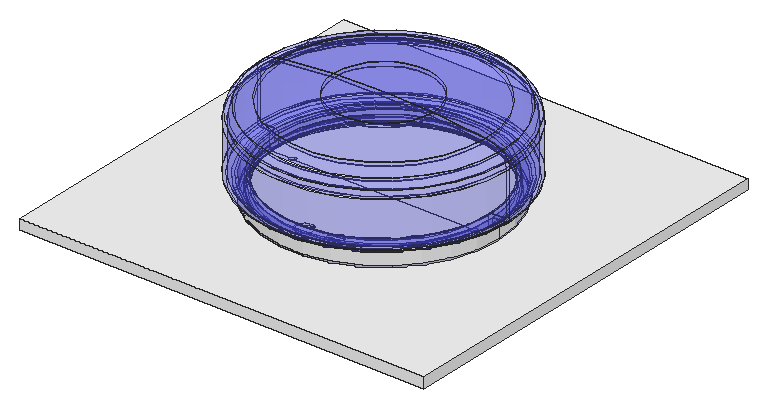
Revit family "BE_50030P_de_DE", category Leuchten, Revit 2020
Family settings
  Basisbauteil = Fläche
  Bemaßung runder Anschluss = Durchmesser verwenden
  Teiletyp = Normal
  Beim Laden mit Abzugskörper schneiden = Ja
  Lichtquelle = Ja
  Gemeinsam genutzt = Nein
  Raumberechnungspunkt = Ja
Parameters (values of type "BEGA_50030P_K3")
  built-in parameter 1150104 = 11.752 (stored number, unit not read)
  Wattage = 11.9 W
  Default Elevation = 0 mm
  built-in parameter 1150113 = 1 (stored number, unit not read)
  built-in parameter 1114218 = 1 (stored number, unit not read)
  Umgebungstemperatur = "25 °C"
  URL = "https://www.bega.com/de/produkt/50030P"
  Typenkommentare = "© 2022 BEGA. Wir behalten uns das Recht vor, technische Änderungen ohne vorherige Ankündigung vorzunehmen."  # constant formula
  built-in parameter 1150134 = (empty or 0)
  built-in parameter 1150109 = 1 (stored number, unit not read)
  Strom = ""
  built-in parameter 1150110 = 1 (stored number, unit not read)
  Spannung = 239.996 V
  Sonderanfertigung = no
  Seriennummer [instance] = "Hier können Sie die eindeutige Seriennummer für das Facility Management eintragen."
  Schutzklasse = "I"
  Schutzart = "IP 20"
  Scheinlast = 0 VA
  Produktdatenblatt = "http://www.bega.de/download/Xrfa/db/50030P.db.de.pdf"
  Oberflächentemperatur = ""
  Neigungswinkel = 0.00°
  Model = "50030PK2"
  Material_17 = BEGA_Reflektor
  Material_15 = BEGA_Leuchtmedium_matt
  Material_14 = BEGA_Kunststoff_opal
  Material_11 = BEGA_Glas_opal
  Material_09 = BEGA_Glas_klar
  Material_06 = BEGA_Oberfläche_Edelstahl_gebürstet
  Material_03 = BEGA_Oberfläche_Weiss_matt
  Material_02 = BEGA_Oberfläche_Silber_matt
  Material_01 [instance] = BEGA_Oberfläche_Grafit_matt
  M_W = no
  M_G = no
  M_A = no
  Logo = 0
  built-in parameter 1114217 = 1 (stored number, unit not read)
  built-in parameter 1150139 = (empty or 0)
  built-in parameter 1150105 = 354.8 (stored number, unit not read)
  built-in parameter 1150114 = 1 (stored number, unit not read)
  Lumens = 1505.35 lm
  built-in parameter 1150115 = 1 (stored number, unit not read)
  Leuchtenlichtstrom = "1230 lm"
  Leuchtenanzahl = ""
  Lebensdauerkriterien = "L70B50 @ 25 °C = 161000 h"
  Lastklassifizierung = Beleuchtung
  built-in parameter 1150112 = 1 (stored number, unit not read)
  Lampenlichtstrom = "1505 lm"
  Lamp = "LED 11.9 W"
  LED_Modulbezeichnung = "LED-0509/927"
  Hersteller = "BEGA"  # constant formula
  Halbstreuwinkel = ""
  Gewicht = "1.0 kg"
  Gebrauchslageneinschränkung [instance] = ""
  Frequenz = "50-60 Hz"
  Farbwiedergabeindex = "CRI > 90"
  Farbtemperaturverschiebung bei Dämpfen der Lampe = <Keine Auswahl>
  Farbtemperatur = "2700 K"
  Color Filter = 16777215
  built-in parameter 1150133 = 10 (stored number, unit not read)
  Energieeffizienzklasse = "LED A++ - A"
  built-in parameter 1150137 = (empty or 0)
  built-in parameter 1150132 = (empty or 0)
  ENEC = "ja"
  Dimmbar [instance] = ""
  Photometric Web File = "BE_50030PK2.IES"
  CE_Konformität = "ja"
  Bestellnummer = "50030PK2"
  Beschreibung_Sonderanfertigung = "Hier können Sie Informationen zur Sonderanfertigung eintragen."
  Beschreibung = "Decken- und Wandleuchte"
  built-in parameter 1150106 = 3.548 (stored number, unit not read)
  Befestigungsbohrung = "Ø 5,5 mm"
  Befestigungsabstand = "180 mm"
  Ballwurfsicher = ""
  BEGA_Intern_aus = yes
  BEGA_Intern_an = yes
  BEGA_Intern_Konstruktion = yes
  BEGA_Intern = yes
  BEGA_IES = yes
  BEGA_Dummy = no
  Anschlussleitung = ""
  Anschlussleistung [instance] = "15.8 W"
  Anschlusskasten = ""
  built-in parameter 1150107 = 2700 (stored number, unit not read)
  built-in parameter 1150102 = (empty or 0)
  built-in parameter 1150138 = (empty or 0)
  Aktualisierung = "2020-05-11T04:00:10"
  Abstand_zur_angestrahlten_Fläche [instance] = ""
  AC/DC = "AC"
Types (3, lengths in mm): name | built-in parameter 1150104 | built-in parameter 1150134 | Model | built-in parameter 1150105 | Lumens | Leuchtenlichtstrom | Lampenlichtstrom | LED_Modulbezeichnung | Farbtemperatur | Photometric Web File | Bestellnummer | built-in parameter 1150106 | built-in parameter 1150107
  BEGA_50030P_K3 | 11.827 (stored number, unit not read) | (empty or 0) | "50030PK3" | 357.14 (stored number, unit not read) | 1514.87 lm | "1411 lm" | "1725 lm" | "LED-0509/930" | "3000 K" | "BE_50030PK3.IES" | "50030PK3" | 3.5714 (stored number, unit not read) | 3000 (stored number, unit not read)
  BEGA_50030P_K4 | 12.263 (stored number, unit not read) | 12 | "50030PK4" | 125 (stored number, unit not read) | 1570.8 lm | "1468 lm" | "1795 lm" | "LED-0509/940" | "4000 K" | "BE_50030PK4.IES" | "50030PK4" | 1.25 (stored number, unit not read) | 4000 (stored number, unit not read)
  BEGA_50030P_K27 | 12.263 (stored number, unit not read) | 12 | "50030PK27" | 125 (stored number, unit not read) | 1570.8 lm | "1365 lm" | "1670 lm" | "LED-0509/927" | "2700 K" | "BE_50030PK27.IES" | "50030PK27" | 1.25 (stored number, unit not read) | 4000 (stored number, unit not read)
Reference planes
  plane 1 "Mitte (Vorne/Hinten)": y = 0
  plane 2: z = 0
  plane 3 "Mitte (Links/Rechts)": x = 0
  plane 4 "Links": x = -125
  plane 5 "Rechts": x = 125
  plane 6 "Unten": y = -125
  plane 7 "Oben": y = 125
  plane 8 "Vorne": z = 94.4
  plane 9 "Hinten": z = 0
Forms (mm)
  Extrusion 1, solid, material "BEGA_Platte_Weiss"
    sketch origin (0, -1119.2, 0) x (1, 0, 0) y (0, 1, 0)
      loop
        line (-200, 1319.2) -> (-200, 919.2) -> (200, 919.2) -> (200, 1319.2) -> (-200, 1319.2)
    from 0 to -10
  Extrusion 2, solid, material "BEGA_Dummy_matt", visible <- "BEGA_Dummy"
    sketch origin (77.149, -76.023, 0) x (1, 0, 0) y (0, 1, 0)
      loop
        circle (-77.149, 76.023) r 125
    from 0 to 94.4
Dimensions and locks
  plane 1 "Mitte (Vorne/Hinten)" to Extrusion 1 = 200 mm
  aligned and locked: plane 2 to Extrusion 1
  aligned and locked: level to Extrusion 1
Nested families
  nested 1: "BE_50030P" at (0, 0, 0) x (0, -1, 0) z (0, 0, 1), type "BE_50030P"
Connectors
  electrical at (0, 0, 0), driven by "Lastklassifizierung", driven by "Spannung", driven by "Scheinlast"
    settings: index 1, voltage 239.996 V, apparent load 0 VA, apparent load phase1 0 VA, apparent load phase2 0 VA, apparent load phase3 0 VA, power factor 1, load classification "Beleuchtung", number of poles 1, system type 31, power factor state 1, is connector primary yes, connector utility no, sub classification motor no, connector description ""
Definition of nested family "BE_50030P"
  Parameters (values of type "BE_50030P")
    Default Elevation = 1 mm
    URL = "http://www.bega.de/de/produkt"
    Type Comments = "© 2015 BEGA. Wir behalten uns das Recht vor, technische Änderungen ohne vorherige Ankündigung vorzunehmen. "  # constant formula
    Type Image = (empty or 0)
    Neigungswinkel_um_Z2 = 0.00°
    Neigungswinkel_um_Z1 = 0.00°
    Neigungswinkel_um_Y2 = 0.00°
    Neigungswinkel_um_Y1 = 0.00°
    Neigungswinkel_um_X2 = 0.00°
    Neigungswinkel_um_X1 = 0.00°
    Material_17 = none
    Material_15 = none
    Material_14 = none
    Material_11 = none
    Material_09 = none
    Material_06 = none
    Material_05 = none
    Material_03 = none
    Material_02 = none
    Material_01 = none
    M_W = yes
    M_G = yes
    M_A = yes
    Länge_Platte = 400 mm  # constant formula
    Höhe_Platte = -10 mm  # constant formula
    Manufacturer = "BEGA"  # constant formula
    Drehwinkel_um_Z2 = 0.00°
    Drehwinkel_um_Z1 = 0.00°
    Breite_Platte = 400 mm  # constant formula
  Reference planes
    plane 1 "Mitte (Oben/Unten)": y = 0
    plane 2: z = 0
    plane 3 "Mitte (Links/Rechts)": x = 0
    plane 4: y = 125
    plane 5: y = -125
    plane 6: z = 94.4
    plane 7: x = -125
    plane 8: x = 125
  Forms (mm)
    Extrusion 1, solid, detail levels medium
      sketch origin (0, 0, 0) x (1, 0, 0) y (0, 1, 0)
        loop
          line (-200, 200) -> (-200, -200) -> (200, -200) -> (200, 200) -> (-200, 200)
      from 0 to -10 <- "Höhe_Platte"
    Revolve 2, solid, material <- "Material_03", detail levels medium+fine
      sketch origin (0, 0, 0) x (0, 1, 0) y (0, 0, 1)
        loop
          line (117.5, 19.8) -> (117.5, 20.8) -> (115.331, 20.8)
          arc (115.331, 20.8) -> (114.063, 20.284) -> (113.524, 19.025) r 1.8
          line (113.524, 19.025) -> (113.276, 4.767)
          arc (113.276, 4.767) -> (112.825, 3.728) -> (111.776, 3.3) r 1.5
          line (111.776, 3.3) -> (0, 3.3) -> (0, 2.3) -> (111.776, 2.3)
          arc (111.776, 2.3) -> (113.525, 3.014) -> (114.275, 4.748) r 2.5
          line (114.275, 4.748) -> (114.524, 19.01)
          arc (114.524, 19.01) -> (114.764, 19.571) -> (115.329, 19.8) r 0.8
          line (115.329, 19.8) -> (117.5, 19.8)
        axis (0, 2.3) -> (0, 20.8)
      angle from 0 to 360
    Revolve 3, solid, material <- "Material_03", detail levels medium+fine
      sketch origin (0, 0, 0) x (0, 1, 0) y (0, 0, 1)
        loop
          arc (99.13, 1.943) -> (99.474, 2.206) -> (99.896, 2.3) r 1
          line (99.896, 2.3) -> (100.896, 3.3) -> (92.75, 3.3) -> (92.75, 0) -> (96.108, 0)
          arc (96.108, 0) -> (97.369, 0.281) -> (98.395, 1.067) r 3
          line (98.395, 1.067) -> (99.13, 1.943)
        axis (90, 3.3) -> (90, 0)
      angle from 0 to 360
    Revolve 4, solid, material <- "Material_03", detail levels medium+fine
      sketch origin (0, 0, 0) x (0, -1, 0) y (0, 0, 1)
        loop
          arc (99.13, 1.943) -> (99.474, 2.206) -> (99.896, 2.3) r 1
          line (99.896, 2.3) -> (100.896, 3.3) -> (92.75, 3.3) -> (92.75, 0) -> (96.108, 0)
          arc (96.108, 0) -> (97.369, 0.281) -> (98.395, 1.067) r 3
          line (98.395, 1.067) -> (99.13, 1.943)
        axis (90, 3.3) -> (90, 0)
      angle from 0 to 360
    Extrusion 5, void
      sketch origin (0, 0, 0) x (1, 0, 0) y (0, 1, 0)
        loop
          circle (80, 15) r 8.5
        loop
          circle (80, -15) r 8.5
        loop
          circle (0, 90) r 2.75
        loop
          circle (0, -90) r 2.75
      from 1.096 to 7.205
    Revolve 6, solid, material <- "Material_14", detail levels medium+fine
      sketch origin (0, 0, 0) x (0, 1, 0) y (0, 0, 1)
        loop
          line (107.5, 12.214) -> (107.5, 20.4) -> (122.157, 21.168)
          arc (122.157, 21.168) -> (124.176, 22.099) -> (125, 24.164) r 3
          line (125, 24.164) -> (125, 69.391)
          arc (125, 69.391) -> (124.681, 72.948) -> (123.735, 76.391) r 20
          arc (123.735, 76.391) -> (121.144, 80.63) -> (117.158, 83.582) r 13
          arc (117.158, 83.582) -> (109.272, 86.676) -> (101.03, 88.629) r 60
          arc (101.03, 88.629) -> (75.117, 91.988) -> (49.04, 93.648) r 400
          arc (49.04, 93.648) -> (24.523, 94.212) -> (0, 94.4) r 1600.011
          line (0, 94.4) -> (0, 90.6)
          arc (0, 90.6) -> (24.398, 90.414) -> (48.79, 89.854) r 1596.211
          arc (48.79, 89.854) -> (74.692, 88.212) -> (100.431, 84.877) r 396.2
          arc (100.431, 84.877) -> (108.139, 83.049) -> (115.512, 80.156) r 56.2
          arc (115.512, 80.156) -> (118.33, 78.076) -> (120.166, 75.094) r 9.2
          arc (120.166, 75.094) -> (120.94, 72.293) -> (121.2, 69.4) r 16.2
          line (121.2, 69.4) -> (121.2, 24.923) -> (106.543, 24.155)
          arc (106.543, 24.155) -> (104.524, 23.224) -> (103.7, 21.159) r 3
          line (103.7, 21.159) -> (103.7, 16.4) -> (103.7, 11.174)
          arc (103.7, 11.174) -> (104.099, 9.678) -> (105.19, 8.579) r 3.003
          line (105.19, 8.579) -> (106.963, 7.556)
          arc (106.963, 7.556) -> (108.068, 6.43) -> (108.449, 4.9) r 3.003
          line (108.449, 4.9) -> (112.25, 4.9) -> (112.25, 8.894) -> (107.997, 11.349)
          arc (107.997, 11.349) -> (107.633, 11.715) -> (107.5, 12.214) r 1.001
        axis (0, 94.4) -> (0, 4.9)
      angle from 0 to 360
  Cuts and joins
    Extrusion 5 cuts Revolve 2
    Extrusion 5 cuts Revolve 3
    Extrusion 5 cuts Revolve 4
    joined: Revolve 2, Revolve 3, Revolve 4
  Dimensions and locks
    equal spacing: Extrusion 1 sketch curve, plane 3 "Mitte (Links/Rechts)", Extrusion 1 sketch curve
    equal spacing: Extrusion 1 sketch curve, plane 1 "Mitte (Oben/Unten)", Extrusion 1 sketch curve
    "Länge_Platte": Extrusion 1 sketch curve to Extrusion 1 sketch curve
    "Breite_Platte": Extrusion 1 sketch curve to Extrusion 1 sketch curve
    aligned and locked: plane 2 to Extrusion 1
    aligned and locked: level to Extrusion 1
  Automatic sketch dimensions
    Revolve 2 sketch curve to Revolve 2 sketch curve = 0 mm  (x11)
    Revolve 2 sketch curve to plane 1 "Mitte (Oben/Unten)" = 0 mm  (x2)
    Revolve 2 sketch curve to Revolve 2 sketch curve = 1.5 mm
    Revolve 2 sketch curve to Revolve 2 sketch curve = 1 mm  (x3)
    Revolve 2 sketch curve to Revolve 2 sketch curve = 0.8 mm
    Revolve 2 sketch curve to Revolve 2 sketch curve = 0.004 mm
    Revolve 2 sketch curve to Revolve 2 sketch curve = 0.002 mm
    Revolve 2 sketch curve to Revolve 2 sketch curve = 2.169 mm
    level to Revolve 2 sketch curve = 2.3 mm
    Revolve 2 sketch curve to Revolve 2 sketch curve = 1.448 mm
    Revolve 2 sketch curve to Revolve 2 sketch curve = 0.02 mm
    Revolve 2 sketch curve to Revolve 2 sketch curve = 0.033 mm
    Revolve 2 sketch curve to Revolve 2 sketch curve = 14.252 mm
    Revolve 2 sketch curve to Revolve 2 sketch curve = 0.01 mm
    Revolve 2 sketch curve to Revolve 2 sketch curve = 0.015 mm
    Revolve 2 sketch curve to Revolve 2 sketch curve = 4 mm
    Revolve 3 sketch curve to level = 0 mm
    level to Revolve 3 sketch curve = 3.3 mm
    Revolve 3 sketch curve to Revolve 3 sketch curve = 3.351 mm
    Revolve 3 sketch curve to Revolve 3 sketch curve = 0.007 mm
    level to Revolve 3 sketch curve = 1.067 mm
    Revolve 3 sketch curve to Revolve 3 sketch curve = 2.287 mm
    level to Revolve 3 sketch curve = 2.3 mm
    Revolve 3 sketch curve to Revolve 3 sketch curve = 1.501 mm
    Revolve 3 sketch curve to Revolve 3 sketch curve = 0 mm  (x2)
    Revolve 3 sketch curve to Revolve 3 sketch curve = 1 mm  (x2)
    Revolve 3 sketch curve to Revolve 3 sketch curve = 2.75 mm
    level to Revolve 3 sketch curve = 1.943 mm
    Revolve 3 sketch curve to Revolve 3 sketch curve = 0.766 mm
    Revolve 3 sketch curve to level = 2.001 mm
    Revolve 3 sketch curve to Revolve 3 sketch curve = 2 mm
    Revolve 4 sketch curve to level = 0 mm
    Revolve 4 sketch curve to level = 3.3 mm
    Revolve 4 sketch curve to Revolve 4 sketch curve = 3.351 mm
    Revolve 4 sketch curve to Revolve 4 sketch curve = 0.007 mm
    Revolve 4 sketch curve to level = 1.067 mm
    Revolve 4 sketch curve to Revolve 4 sketch curve = 2.287 mm
    Revolve 4 sketch curve to level = 2.3 mm
    Revolve 4 sketch curve to Revolve 4 sketch curve = 1.501 mm
    Revolve 4 sketch curve to Revolve 4 sketch curve = 0 mm  (x2)
    Revolve 4 sketch curve to Revolve 4 sketch curve = 1 mm  (x2)
    Revolve 4 sketch curve to Revolve 4 sketch curve = 2.75 mm
    Revolve 4 sketch curve to level = 1.943 mm
    Revolve 4 sketch curve to Revolve 4 sketch curve = 0.766 mm
    level to Revolve 4 sketch curve = 2.001 mm
    Revolve 4 sketch curve to Revolve 4 sketch curve = 2 mm
    Revolve 6 sketch curve to Revolve 6 sketch curve = 1.49 mm
    Revolve 6 sketch curve to Revolve 6 sketch curve = 0.257 mm
    Revolve 6 sketch curve to Revolve 6 sketch curve = 1.513 mm
    level to Revolve 6 sketch curve = 7.556 mm
    Revolve 6 sketch curve to Revolve 6 sketch curve = 1.773 mm
    Revolve 6 sketch curve to Revolve 6 sketch curve = 3.8 mm  (x2)
    Revolve 6 sketch curve to Revolve 6 sketch curve = 0.497 mm
    Revolve 6 sketch curve to Revolve 6 sketch curve = 3.002 mm
    Revolve 6 sketch curve to Revolve 6 sketch curve = 0.504 mm
    Revolve 6 sketch curve to Revolve 6 sketch curve = 3.801 mm
    Revolve 6 sketch curve to Revolve 6 sketch curve = 2.592 mm
    Revolve 6 sketch curve to Revolve 6 sketch curve = 1.024 mm
    Revolve 6 sketch curve to Revolve 6 sketch curve = 3.994 mm
    Revolve 6 sketch curve to Revolve 6 sketch curve = 2.594 mm
    Revolve 6 sketch curve to Revolve 6 sketch curve = 0.176 mm
    Revolve 6 sketch curve to Revolve 6 sketch curve = 0.865 mm
    Revolve 6 sketch curve to Revolve 6 sketch curve = 4.186 mm
    Revolve 6 sketch curve to Revolve 6 sketch curve = 0 mm  (x24)
    Revolve 6 sketch curve to Revolve 6 sketch curve = 4.759 mm
    level to Revolve 6 sketch curve = 40.4 mm
    Revolve 2 sketch curve to plane 1 "Mitte (Oben/Unten)" = 111.776 mm
    Revolve 2 sketch curve to Revolve 2 sketch curve = 0.249 mm
    Revolve 3 sketch curve to plane 1 "Mitte (Oben/Unten)" = 92.75 mm
    Revolve 4 sketch curve to plane 1 "Mitte (Oben/Unten)" = 92.75 mm
    Extrusion 5 sketch curve to plane 3 "Mitte (Links/Rechts)" = 0 mm  (x2)
    plane 1 "Mitte (Oben/Unten)" to Extrusion 5 sketch curve = 15 mm
    Extrusion 5 sketch curve to plane 1 "Mitte (Oben/Unten)" = 15 mm
    Extrusion 5 sketch curve to Extrusion 5 sketch curve = 0 mm
    Revolve 6 sketch curve to Revolve 6 sketch curve = 0.157 mm  (x2)
    Revolve 6 sketch curve to Revolve 6 sketch curve = 16.2 mm
    Revolve 6 sketch curve to Revolve 6 sketch curve = 6.557 mm
    Revolve 6 sketch curve to Revolve 6 sketch curve = 0.009 mm  (x3)
    Revolve 6 sketch curve to Revolve 6 sketch curve = 2.45 mm
    Revolve 6 sketch curve to Revolve 6 sketch curve = 3.955 mm
    Revolve 6 sketch curve to Revolve 6 sketch curve = 1.645 mm
    Revolve 6 sketch curve to Revolve 6 sketch curve = 1.034 mm
    Revolve 6 sketch curve to Revolve 6 sketch curve = 45.227 mm
    Revolve 6 sketch curve to Revolve 6 sketch curve = 12.348 mm
    Revolve 6 sketch curve to Revolve 6 sketch curve = 8.256 mm
    Revolve 6 sketch curve to Revolve 6 sketch curve = 15.081 mm
    Revolve 6 sketch curve to plane 1 "Mitte (Oben/Unten)" = 36.68 mm
    Revolve 6 sketch curve to level = 306.161 mm
    plane 1 "Mitte (Oben/Unten)" to Revolve 6 sketch curve = 0 mm  (x2)
    Revolve 6 sketch curve to Revolve 6 sketch curve = 1199.45 mm
    Revolve 6 sketch curve to plane 1 "Mitte (Oben/Unten)" = 0 mm  (x2)
    Revolve 6 sketch curve to Revolve 6 sketch curve = 33.648 mm
    Revolve 6 sketch curve to Revolve 6 sketch curve = 20 mm
    Revolve 6 sketch curve to Revolve 6 sketch curve = 0.8 mm  (x2)
    Revolve 6 sketch curve to Revolve 6 sketch curve = 0.759 mm  (x2)
    Extrusion 5 sketch curve to plane 1 "Mitte (Oben/Unten)" = 90 mm
    Revolve 6 sketch curve to plane 1 "Mitte (Oben/Unten)" = 91.352 mm
    Revolve 6 sketch curve to Revolve 6 sketch curve = 13.648 mm
    Revolve 6 sketch curve to Revolve 6 sketch curve = 0.25 mm
    plane 1 "Mitte (Oben/Unten)" to Extrusion 5 sketch curve = 90 mm
    Revolve 6 sketch curve to Revolve 6 sketch curve = 3.764 mm
    Revolve 6 sketch curve to Revolve 6 sketch curve = 50.2 mm
    Revolve 6 sketch curve to plane 1 "Mitte (Oben/Unten)" = 48.79 mm
    Revolve 6 sketch curve to Revolve 6 sketch curve = 0.599 mm
    Revolve 6 sketch curve to Revolve 6 sketch curve = 0.2 mm
    plane 3 "Mitte (Links/Rechts)" to Extrusion 5 sketch curve = 80 mm
    radius of Extrusion 5 sketch curve = 8.5 mm  (x2)
    radius of Extrusion 5 sketch curve = 2.75 mm  (x2)
